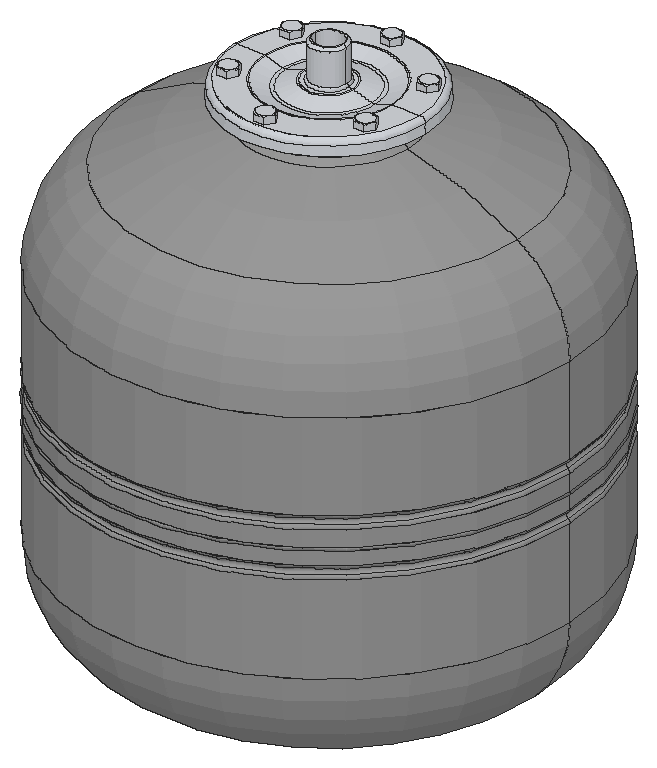
Revit family "WAV 35", category Оборудование, Revit 2014
Parameters
  Описание = "Мембранный бак для водоснабжения V=35л, Py=10бар, 3/4\""
  Материал крышки = Черная резина
  Материал = Синяя краска
  Масса кг = "5.95"
  Крышка [instance] = yes
  Комментарии к типоразмеру = "WAV 35"
  Изготовитель = "WESTER"  # constant formula
  URL = "http://www.wester.su/"
Reference planes
  plane 1 "По центру (Вперед/Назад)": y = 0
  plane 2: z = 0
  plane 3 "По центру (Влево/Вправо)": x = 0
Forms (mm)
  Revolve 1, solid, material "Синяя краска" <- "Материал"
    sketch origin (-161.5, 0, 141.055) x (0, 0, -1) y (1, 0, 0)
      loop
        line (26.628, 344.004) -> (-40.712, 344.004)
        arc (-40.712, 344.004) -> (-42.194, 343.606) -> (-43.28, 342.521) r 2.965
        arc (-43.28, 342.521) -> (-45.441, 341.273) -> (-47.602, 342.521) r 2.495
        arc (-47.602, 342.521) -> (-48.701, 343.607) -> (-50.194, 344.004) r 3.007
        line (-50.194, 344.004) -> (-60.315, 344.004)
        arc (-60.315, 344.004) -> (-61.381, 344.338) -> (-62.448, 344.004) r 1.869
        line (-62.448, 344.004) -> (-74.702, 344.004)
        arc (-74.702, 344.004) -> (-76.195, 343.607) -> (-77.294, 342.521) r 3.007
        arc (-77.294, 342.521) -> (-79.455, 341.273) -> (-81.616, 342.521) r 2.495
        arc (-81.616, 342.521) -> (-82.701, 343.606) -> (-84.184, 344.004) r 2.965
        line (-84.184, 344.004) -> (-150.529, 344.004)
        arc (-150.529, 344.004) -> (-190.143, 333.573) -> (-219.484, 304.985) r 80.44
        arc (-219.484, 304.985) -> (-239.398, 264.627) -> (-252.409, 221.545) r 272.899
        line (-252.409, 221.545) -> (-264.945, 209.009) -> (-264.945, 161.5) -> (124.057, 161.5) -> (124.057, 168.355)
        arc (124.057, 168.355) -> (124.128, 168.929) -> (124.385, 169.448) r 1.727
        line (124.385, 169.448) -> (133.11, 181.457)
        arc (133.11, 181.457) -> (134.011, 183.628) -> (133.832, 185.971) r 5.05
        arc (133.832, 185.971) -> (121.593, 247.772) -> (95.5, 305.116) r 272.734
        arc (95.5, 305.116) -> (66.174, 333.61) -> (26.628, 344.004) r 80.432
      axis (-264.945, 161.5) -> (133.832, 161.5)
    angle from 0 to 360
  Revolve 2, solid
    sketch origin (0, 0, 139.441) x (1, 0, 0) y (0, 0, 1)
      loop
        line (0, 266.559) -> (69.996, 266.559) -> (69.996, 268.559) -> (73.753, 268.559) -> (73.151, 275.443)
        arc (73.151, 275.443) -> (71.956, 278.131) -> (69.36, 279.516) r 4.524
        line (69.36, 279.516) -> (48.486, 279.516)
        arc (48.486, 279.516) -> (47.948, 279.469) -> (47.425, 279.329) r 3.112
        line (47.425, 279.329) -> (35.297, 275.272)
        arc (35.297, 275.272) -> (34.006, 275.061) -> (32.715, 275.272) r 4.069
        line (32.715, 275.272) -> (19.199, 279.345)
        arc (19.199, 279.345) -> (18.626, 279.473) -> (18.041, 279.516) r 4.016
        line (18.041, 279.516) -> (14.537, 279.516)
        arc (14.537, 279.516) -> (14.223, 280.763) -> (13.211, 281.557) r 1.989
        line (13.211, 281.557) -> (13.211, 305.56) -> (11.217, 307.555) -> (10.417, 307.555) -> (10.417, 279.516) -> (0, 279.516) -> (0, 266.559)
      axis (0, 307.555) -> (0, 266.559)
    angle from 0 to 360
  Revolve 3, solid
    sketch origin (0, 0, 0) x (1, 0, 0) y (0, 0, 1)
      loop
        line (3.985, 0.988) -> (3.985, 12.5) -> (6.063, 12.5) -> (6.063, 16.998) -> (0, 16.998) -> (0, 3.846) -> (1.586, 3.846) -> (2.15, 3.283) -> (2.15, 0) -> (2.997, 0) -> (3.985, 0.988)
      axis (0, 16.998) -> (0, 0)
    angle from 0 to 360
  Revolve 4, solid, material "Черная резина" <- "Материал крышки", visible <- "Крышка"
    sketch origin (0, 0, 0) x (1, 0, 0) y (0, 0, 1)
      loop
        line (0, 16.998) -> (-6.855, 16.998) -> (-22.393, 6.118) -> (-15.273, -1.003) -> (0, -1.003) -> (0, 16.998)
      axis (0, 16.998) -> (0, -1.003)
    angle from 0 to 360
Dimensions and locks
  aligned and locked: level to plane 2
Nested families
  nested 1: "Болт" at (0, -59.993, 419), type "Болт"
  nested 2: "Болт" at (-51.958, -30, 419), type "Болт"
  nested 3: "Болт" at (-51.962, 29.993, 419), type "Болт"
  nested 4: "Болт" at (0, 59.993, 419), type "Болт"
  nested 5: "Болт" at (51.95, 30, 419), type "Болт"
  nested 6: "Болт" at (51.954, -29.993, 419), type "Болт"
Connectors
  piping at (0, 0, 446.996), diameter 20
    settings: on Revolve 2, index 1, connector inside diameter 609.6 mm, connector length 0 mm, flow factor 0, pipe flow 0.0 L/s, pressure drop 0.0 Pa, fitting loss kfactor 0, connector angle 0.00°, fixture units 0, engagement length 0 mm, angle of deflection 0.00°, flow configuration 1, flow direction 1, fitting loss method 0, system type 29, joint type 0, gender type 0, connector reference index -1, connector utility 0, adjustable connector no, is connector primary yes, connector description ""
Definition of nested family "Болт"
  Parameters (values of type "Болт")
    Default Elevation = 1219.2 mm
  Reference planes
    plane 1 "По центру (Вперед/Назад)": y = 0
    plane 2: z = 0
    plane 3 "По центру (Влево/Вправо)": x = 0
  Forms (mm)
    Extrusion 1, solid
      sketch origin (0, 0, 0) x (1, 0, 0) y (0, 1, 0)
        loop
          line (-1219.2, 1219.2) -> (-1219.2, -1219.2) -> (1219.2, -1219.2) -> (1219.2, 1219.2) -> (-1219.2, 1219.2)
      from 0 to -304.8
    Extrusion 2, solid, detail levels medium+fine
      sketch origin (0, 0, 0) x (0, 1, 0) y (-1, 0, 0)
        loop
          line (-6.5, -3.753) -> (0, -7.506) -> (6.5, -3.753) -> (6.5, 3.753) -> (0, 7.506) -> (-6.5, 3.753) -> (-6.5, -3.753)
      from 0 to 5.3
    Extrusion 3, solid, detail levels medium+fine
      sketch origin (0, 0, 0) x (1, 0, 0) y (0, 1, 0)
        loop
          circle (0, 0) r 4
      from -14 to 0
    Revolve 4, void
      sketch origin (0, 0, 0) x (1, 0, 0) y (0, 0, 1)
        loop
          line (-7.506, 4.447) -> (-6.413, 5.3) -> (-7.506, 5.3) -> (-7.506, 4.447)
        axis (0, 5.3) -> (0, 4.3)
      angle from 0 to 360
    Revolve 5, void
      sketch origin (0, 0, 0) x (1, 0, 0) y (0, 0, 1)
        loop
          line (-4, -14) -> (-2.365, -14) -> (-4, -12.365) -> (-4, -14)
        axis (0, -12.365) -> (0, -14)
      angle from 0 to 360
  Cuts and joins
    Revolve 4 cuts Extrusion 2
    Revolve 5 cuts Extrusion 3
    joined: Extrusion 2, Extrusion 3
  Dimensions and locks
    aligned and locked: plane 2 to Extrusion 1
    aligned and locked: level to Extrusion 1
    aligned and locked: Revolve 4 sketch curve to plane 3 "По центру (Влево/Вправо)"
    aligned and locked: cut or joined group of Extrusion 2, Extrusion 3, Revolve 4, Revolve 5 to Revolve 4 sketch curve
